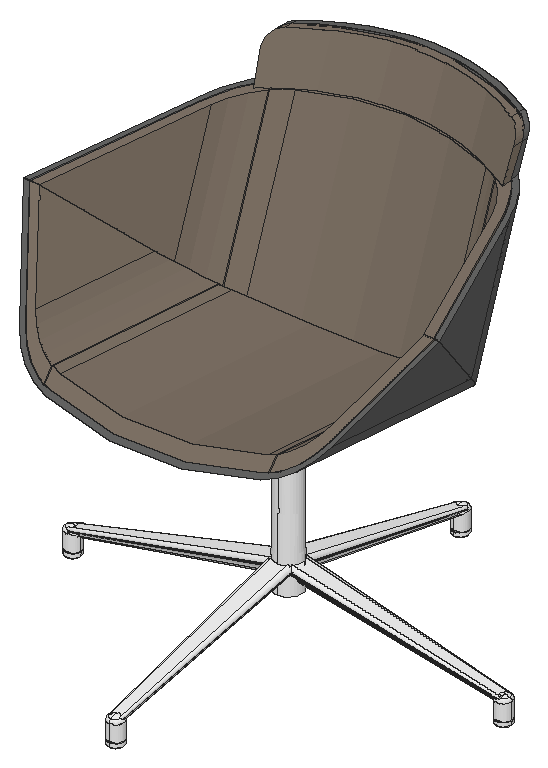
Revit family "Chair-Multi_Purpose-Allermuir-Phoulds PH2U", category Furniture, Revit 2012 (continued)
Automatic sketch dimensions
  curve 57 to curve 62 = 0.13601"
  curve 82 to plane 1 "Center Front/Back" = 0.50286"
  curve 55 to plane 1 "Center Front/Back" = 0.50587"
  plane 8 to curve 72 = 1.06791"
  curve 72 to curve 80 = 0.02828"
  curve 76 to curve 74 = 0.19259"
  curve 76 to curve 79 = 0.44492"
  curve 74 to curve 78 = 0.24932"
  curve 78 to curve 77 = 0.0454"
  curve 79 to curve 73 = 0.10406"
  curve 78 to curve 73 = 0.13571"
  curve 79 to curve 80 = 0.16988"
  curve 78 to curve 73 = 0.05076"
  Extrusion 12 sketch curve to plane 3 "Center Left/Right" = 0"
  Revolve 13 sketch curve to plane 1 "Center Front/Back" = 0"
  Revolve 13 sketch curve to plane 1 "Center Front/Back" = 0.78959"
  Revolve 13 sketch curve to Revolve 13 sketch curve = 0.89794"
  Revolve 13 sketch curve to Revolve 13 sketch curve = 0.12586"
  level to Revolve 13 sketch curve = 3.03886"
  Revolve 13 sketch curve to plane 4 = 3.85478"
  Revolve 13 sketch curve to Revolve 13 sketch curve = 0.52977"
  Revolve 13 sketch curve to plane 4 = 0.91657"
  SweptBlend 14 sketch curve to plane 3 "Center Left/Right" = 0"
  SweptBlend 14 sketch curve to SweptBlend 14 sketch curve = 14.07799"
  profile plane to SweptBlend 14 sketch curve = 1.0609"
  profile plane to SweptBlend 14 sketch curve = 0.84908"
  SweptBlend 14 sketch curve to SweptBlend 14 sketch curve = 0"  (x20)
  SweptBlend 14 sketch curve to SweptBlend 14 sketch curve = 0.01022"
  SweptBlend 14 sketch curve to SweptBlend 14 sketch curve = 0.05217"
  SweptBlend 14 sketch curve to SweptBlend 14 sketch curve = 0.02396"
  SweptBlend 14 sketch curve to SweptBlend 14 sketch curve = 0.26712"
  SweptBlend 14 sketch curve to SweptBlend 14 sketch curve = 0.19881"
  profile plane to SweptBlend 14 sketch curve = 0.20728"
  profile plane to SweptBlend 14 sketch curve = 0.20431"
  profile plane to SweptBlend 14 sketch curve = 0.0031"
  SweptBlend 14 sketch curve to profile plane = 0"  (x2)
  SweptBlend 14 sketch curve to profile plane = 0.20433"
  SweptBlend 14 sketch curve to profile plane = 0.2073"
  SweptBlend 14 sketch curve to SweptBlend 14 sketch curve = 0.35654"
  SweptBlend 14 sketch curve to SweptBlend 14 sketch curve = 0.01824"
  SweptBlend 14 sketch curve to SweptBlend 14 sketch curve = 0.19882"
  SweptBlend 14 sketch curve to SweptBlend 14 sketch curve = 0.02399"
  SweptBlend 14 sketch curve to SweptBlend 14 sketch curve = 0.07622"
  SweptBlend 14 sketch curve to SweptBlend 14 sketch curve = 0.01016"
  SweptBlend 14 sketch curve to profile plane = 19.25468"
  profile plane to SweptBlend 14 sketch curve = 0.55466"
  profile plane to SweptBlend 14 sketch curve = 0.44392"
  SweptBlend 14 sketch curve to SweptBlend 14 sketch curve = 0.00535"
  SweptBlend 14 sketch curve to SweptBlend 14 sketch curve = 0.02728"
  SweptBlend 14 sketch curve to SweptBlend 14 sketch curve = 0.0398"
  SweptBlend 14 sketch curve to SweptBlend 14 sketch curve = 0.13966"
  SweptBlend 14 sketch curve to SweptBlend 14 sketch curve = 0.10394"
  profile plane to SweptBlend 14 sketch curve = 0.10837"
  profile plane to SweptBlend 14 sketch curve = 0.10682"
  profile plane to SweptBlend 14 sketch curve = 0.00162"
  SweptBlend 14 sketch curve to profile plane = 0.10683"
  SweptBlend 14 sketch curve to profile plane = 0.10838"
  SweptBlend 14 sketch curve to SweptBlend 14 sketch curve = 0.18641"
  SweptBlend 14 sketch curve to SweptBlend 14 sketch curve = 0.00954"
  SweptBlend 14 sketch curve to SweptBlend 14 sketch curve = 0.10395"
  SweptBlend 14 sketch curve to SweptBlend 14 sketch curve = 0.01254"
  SweptBlend 14 sketch curve to SweptBlend 14 sketch curve = 0.03985"
  SweptBlend 14 sketch curve to SweptBlend 14 sketch curve = 0.00531"
  SweptBlend 14 sketch curve to profile plane = 16.42939"
  Revolve 15 sketch curve to level = 0"
  level to Revolve 15 sketch curve = 0.39013"
  plane 9 to Revolve 15 sketch curve = 3.87349"
  level to Revolve 15 sketch curve = 0.11054"
  Revolve 15 sketch curve to Revolve 15 sketch curve = 0"  (x3)
  Revolve 15 sketch curve to Revolve 15 sketch curve = 0.01662"
  level to Revolve 15 sketch curve = 0.32361"
  Revolve 15 sketch curve to Revolve 15 sketch curve = 0.02639"
  Revolve 15 sketch curve to Revolve 15 sketch curve = 0.05676"
  Revolve 15 sketch curve to Revolve 15 sketch curve = 0.10984"
  Revolve 15 sketch curve to Revolve 15 sketch curve = 0.12901"
  Revolve 15 sketch curve to Revolve 15 sketch curve = 0.12099"
  Revolve 15 sketch curve to Revolve 15 sketch curve = 9/32"
  level to Revolve 15 sketch curve = 0.31404"
  Revolve 15 sketch curve to Revolve 15 sketch curve = 0.36381"
  Revolve 15 sketch curve to Revolve 15 sketch curve = 0.48691"
  Revolve 15 sketch curve to Revolve 15 sketch curve = 0.22288"
  plane 1 "Center Front/Back" to SweptBlend 16 sketch curve = 0"
  SweptBlend 16 sketch curve to SweptBlend 16 sketch curve = 14.07799"
  profile plane to SweptBlend 16 sketch curve = 1.0609"
  profile plane to SweptBlend 16 sketch curve = 0.84908"
  SweptBlend 16 sketch curve to SweptBlend 16 sketch curve = 0"  (x20)
  SweptBlend 16 sketch curve to SweptBlend 16 sketch curve = 0.01022"
  SweptBlend 16 sketch curve to SweptBlend 16 sketch curve = 0.05217"
  SweptBlend 16 sketch curve to SweptBlend 16 sketch curve = 0.07613"
  SweptBlend 16 sketch curve to SweptBlend 16 sketch curve = 0.26712"
  SweptBlend 16 sketch curve to SweptBlend 16 sketch curve = 0.19881"
  profile plane to SweptBlend 16 sketch curve = 0.20728"
  profile plane to SweptBlend 16 sketch curve = 0.20431"
  profile plane to SweptBlend 16 sketch curve = 0.0031"
  SweptBlend 16 sketch curve to profile plane = 0"  (x2)
  SweptBlend 16 sketch curve to profile plane = 0.20433"
  SweptBlend 16 sketch curve to profile plane = 0.2073"
  SweptBlend 16 sketch curve to SweptBlend 16 sketch curve = 0.35654"
  SweptBlend 16 sketch curve to SweptBlend 16 sketch curve = 0.01824"
  SweptBlend 16 sketch curve to SweptBlend 16 sketch curve = 0.19882"
  SweptBlend 16 sketch curve to SweptBlend 16 sketch curve = 0.02399"
  SweptBlend 16 sketch curve to SweptBlend 16 sketch curve = 0.07622"
  SweptBlend 16 sketch curve to SweptBlend 16 sketch curve = 0.01016"
  SweptBlend 16 sketch curve to profile plane = 19.25468"
  profile plane to SweptBlend 16 sketch curve = 0.55466"
  profile plane to SweptBlend 16 sketch curve = 0.44392"
  SweptBlend 16 sketch curve to SweptBlend 16 sketch curve = 0.00535"
  SweptBlend 16 sketch curve to SweptBlend 16 sketch curve = 0.02728"
  SweptBlend 16 sketch curve to SweptBlend 16 sketch curve = 0.01253"
  SweptBlend 16 sketch curve to SweptBlend 16 sketch curve = 0.13966"
  SweptBlend 16 sketch curve to SweptBlend 16 sketch curve = 0.10394"
  profile plane to SweptBlend 16 sketch curve = 0.10837"
  profile plane to SweptBlend 16 sketch curve = 0.10682"
  profile plane to SweptBlend 16 sketch curve = 0.00162"
  SweptBlend 16 sketch curve to profile plane = 0.10683"
  SweptBlend 16 sketch curve to profile plane = 0.10838"
  SweptBlend 16 sketch curve to SweptBlend 16 sketch curve = 0.18641"
  SweptBlend 16 sketch curve to SweptBlend 16 sketch curve = 0.00954"
  SweptBlend 16 sketch curve to SweptBlend 16 sketch curve = 0.10395"
  SweptBlend 16 sketch curve to SweptBlend 16 sketch curve = 0.01254"
  SweptBlend 16 sketch curve to SweptBlend 16 sketch curve = 0.03985"
  SweptBlend 16 sketch curve to SweptBlend 16 sketch curve = 0.00531"
  SweptBlend 16 sketch curve to profile plane = 16.42939"
  SweptBlend 17 sketch curve to plane 3 "Center Left/Right" = 0"
  SweptBlend 17 sketch curve to SweptBlend 17 sketch curve = 14.07799"
  profile plane to SweptBlend 17 sketch curve = 1.0609"
  profile plane to SweptBlend 17 sketch curve = 0.84908"
  SweptBlend 17 sketch curve to SweptBlend 17 sketch curve = 0"  (x20)
  SweptBlend 17 sketch curve to SweptBlend 17 sketch curve = 0.01022"
  SweptBlend 17 sketch curve to SweptBlend 17 sketch curve = 0.05217"
  SweptBlend 17 sketch curve to SweptBlend 17 sketch curve = 0.07613"
  SweptBlend 17 sketch curve to SweptBlend 17 sketch curve = 0.26712"
  SweptBlend 17 sketch curve to SweptBlend 17 sketch curve = 0.19881"
  profile plane to SweptBlend 17 sketch curve = 0.20728"
  profile plane to SweptBlend 17 sketch curve = 0.20431"
  profile plane to SweptBlend 17 sketch curve = 0.0031"
  SweptBlend 17 sketch curve to profile plane = 0"  (x2)
  SweptBlend 17 sketch curve to profile plane = 0.20433"
  SweptBlend 17 sketch curve to profile plane = 0.2073"
  SweptBlend 17 sketch curve to SweptBlend 17 sketch curve = 0.35654"
  SweptBlend 17 sketch curve to SweptBlend 17 sketch curve = 0.01824"
  SweptBlend 17 sketch curve to SweptBlend 17 sketch curve = 0.19882"
  SweptBlend 17 sketch curve to SweptBlend 17 sketch curve = 0.02399"
  SweptBlend 17 sketch curve to SweptBlend 17 sketch curve = 0.07622"
  SweptBlend 17 sketch curve to SweptBlend 17 sketch curve = 0.01016"
  SweptBlend 17 sketch curve to profile plane = 19.25468"
  profile plane to SweptBlend 17 sketch curve = 0.55466"
  profile plane to SweptBlend 17 sketch curve = 0.44392"
  SweptBlend 17 sketch curve to SweptBlend 17 sketch curve = 0.00535"
  SweptBlend 17 sketch curve to SweptBlend 17 sketch curve = 0.02728"
  SweptBlend 17 sketch curve to SweptBlend 17 sketch curve = 0.01253"
  SweptBlend 17 sketch curve to SweptBlend 17 sketch curve = 0.13966"
  SweptBlend 17 sketch curve to SweptBlend 17 sketch curve = 0.10394"
  profile plane to SweptBlend 17 sketch curve = 0.10837"
  profile plane to SweptBlend 17 sketch curve = 0.10682"
  profile plane to SweptBlend 17 sketch curve = 0.00162"
  SweptBlend 17 sketch curve to profile plane = 0.10683"
  SweptBlend 17 sketch curve to profile plane = 0.10838"
  SweptBlend 17 sketch curve to SweptBlend 17 sketch curve = 0.18641"
  SweptBlend 17 sketch curve to SweptBlend 17 sketch curve = 0.00954"
  SweptBlend 17 sketch curve to SweptBlend 17 sketch curve = 0.10395"
  SweptBlend 17 sketch curve to SweptBlend 17 sketch curve = 0.01254"
  SweptBlend 17 sketch curve to SweptBlend 17 sketch curve = 0.03985"
  SweptBlend 17 sketch curve to SweptBlend 17 sketch curve = 0.00531"
  SweptBlend 17 sketch curve to profile plane = 16.42939"
  Revolve 18 sketch curve to level = 0"
  level to Revolve 18 sketch curve = 0.39013"
  Revolve 18 sketch curve to plane 6 = 3.24849"
  level to Revolve 18 sketch curve = 0.11054"
  Revolve 18 sketch curve to Revolve 18 sketch curve = 0"  (x3)
  Revolve 18 sketch curve to Revolve 18 sketch curve = 0.01662"
  level to Revolve 18 sketch curve = 0.32361"
  Revolve 18 sketch curve to Revolve 18 sketch curve = 0.02639"
  Revolve 18 sketch curve to Revolve 18 sketch curve = 0.05676"
  Revolve 18 sketch curve to Revolve 18 sketch curve = 0.10984"
  Revolve 18 sketch curve to Revolve 18 sketch curve = 0.12901"
  Revolve 18 sketch curve to Revolve 18 sketch curve = 0.12099"
  Revolve 18 sketch curve to Revolve 18 sketch curve = 9/32"
  level to Revolve 18 sketch curve = 0.31404"
  Revolve 18 sketch curve to Revolve 18 sketch curve = 0.36381"
  Revolve 18 sketch curve to Revolve 18 sketch curve = 0.48691"
  Revolve 18 sketch curve to Revolve 18 sketch curve = 0.22288"
  Revolve 19 sketch curve to level = 0"
  level to Revolve 19 sketch curve = 0.39013"
  Revolve 19 sketch curve to plane 7 = 3.24849"
  level to Revolve 19 sketch curve = 0.11054"
  Revolve 19 sketch curve to Revolve 19 sketch curve = 0"  (x3)
  Revolve 19 sketch curve to Revolve 19 sketch curve = 0.01662"
  level to Revolve 19 sketch curve = 0.32361"
  Revolve 19 sketch curve to Revolve 19 sketch curve = 0.02639"
  Revolve 19 sketch curve to Revolve 19 sketch curve = 0.05676"
  Revolve 19 sketch curve to Revolve 19 sketch curve = 0.10984"
  Revolve 19 sketch curve to Revolve 19 sketch curve = 0.12901"
  Revolve 19 sketch curve to Revolve 19 sketch curve = 0.12099"
  Revolve 19 sketch curve to Revolve 19 sketch curve = 9/32"
  level to Revolve 19 sketch curve = 0.31404"
  Revolve 19 sketch curve to Revolve 19 sketch curve = 0.36381"
  Revolve 19 sketch curve to Revolve 19 sketch curve = 0.48691"
  Revolve 19 sketch curve to Revolve 19 sketch curve = 0.22288"
  Revolve 20 sketch curve to level = 0"
  level to Revolve 20 sketch curve = 0.39013"
  plane 8 to Revolve 20 sketch curve = 3.87349"
  level to Revolve 20 sketch curve = 0.11054"
  Revolve 20 sketch curve to Revolve 20 sketch curve = 0"  (x3)
  Revolve 20 sketch curve to Revolve 20 sketch curve = 0.01662"
  level to Revolve 20 sketch curve = 0.32361"
  Revolve 20 sketch curve to Revolve 20 sketch curve = 0.02639"
  Revolve 20 sketch curve to Revolve 20 sketch curve = 0.05676"
  Revolve 20 sketch curve to Revolve 20 sketch curve = 0.10984"
  Revolve 20 sketch curve to Revolve 20 sketch curve = 0.12901"
  Revolve 20 sketch curve to Revolve 20 sketch curve = 0.12099"
  Revolve 20 sketch curve to Revolve 20 sketch curve = 9/32"
  level to Revolve 20 sketch curve = 0.31404"
  Revolve 20 sketch curve to Revolve 20 sketch curve = 0.36381"
  Revolve 20 sketch curve to Revolve 20 sketch curve = 0.48691"
  Revolve 20 sketch curve to Revolve 20 sketch curve = 0.22288"
  plane 1 "Center Front/Back" to SweptBlend 21 sketch curve = 0"
  SweptBlend 21 sketch curve to SweptBlend 21 sketch curve = 14.07799"
  profile plane to SweptBlend 21 sketch curve = 1.06091"
  profile plane to SweptBlend 21 sketch curve = 0.84904"
  SweptBlend 21 sketch curve to SweptBlend 21 sketch curve = 0"  (x20)
  SweptBlend 21 sketch curve to SweptBlend 21 sketch curve = 0.01016"
  SweptBlend 21 sketch curve to SweptBlend 21 sketch curve = 0.05223"
  SweptBlend 21 sketch curve to SweptBlend 21 sketch curve = 0.07622"
  SweptBlend 21 sketch curve to SweptBlend 21 sketch curve = 0.26696"
  SweptBlend 21 sketch curve to SweptBlend 21 sketch curve = 0.19882"
  profile plane to SweptBlend 21 sketch curve = 0.2073"
  profile plane to SweptBlend 21 sketch curve = 0.20433"
  profile plane to SweptBlend 21 sketch curve = 0"  (x2)
  SweptBlend 21 sketch curve to profile plane = 0.0031"
  SweptBlend 21 sketch curve to profile plane = 0.20431"
  SweptBlend 21 sketch curve to profile plane = 0.20728"
  SweptBlend 21 sketch curve to SweptBlend 21 sketch curve = 0.35663"
  SweptBlend 21 sketch curve to SweptBlend 21 sketch curve = 0.01804"
  SweptBlend 21 sketch curve to SweptBlend 21 sketch curve = 0.19881"
  SweptBlend 21 sketch curve to SweptBlend 21 sketch curve = 0.02396"
  SweptBlend 21 sketch curve to SweptBlend 21 sketch curve = 0.07613"
  SweptBlend 21 sketch curve to SweptBlend 21 sketch curve = 0.01022"
  SweptBlend 21 sketch curve to profile plane = 19.25468"
  profile plane to SweptBlend 21 sketch curve = 71/128"
  profile plane to SweptBlend 21 sketch curve = 0.4439"
  SweptBlend 21 sketch curve to SweptBlend 21 sketch curve = 0.00531"
  SweptBlend 21 sketch curve to SweptBlend 21 sketch curve = 0.02731"
  SweptBlend 21 sketch curve to SweptBlend 21 sketch curve = 0.03985"
  SweptBlend 21 sketch curve to SweptBlend 21 sketch curve = 0.13957"
  SweptBlend 21 sketch curve to SweptBlend 21 sketch curve = 0.10395"
  profile plane to SweptBlend 21 sketch curve = 0.10838"
  profile plane to SweptBlend 21 sketch curve = 0.10683"
  SweptBlend 21 sketch curve to profile plane = 0.00162"
  SweptBlend 21 sketch curve to profile plane = 0.10682"
  SweptBlend 21 sketch curve to profile plane = 0.10837"
  SweptBlend 21 sketch curve to SweptBlend 21 sketch curve = 0.18646"
  SweptBlend 21 sketch curve to SweptBlend 21 sketch curve = 0.00943"
  SweptBlend 21 sketch curve to SweptBlend 21 sketch curve = 0.10394"
  SweptBlend 21 sketch curve to SweptBlend 21 sketch curve = 0.01253"
  SweptBlend 21 sketch curve to SweptBlend 21 sketch curve = 0.0398"
  SweptBlend 21 sketch curve to SweptBlend 21 sketch curve = 0.00535"
  SweptBlend 21 sketch curve to profile plane = 16.42939"
  radius of Extrusion 12 sketch curve = 2.95218"
